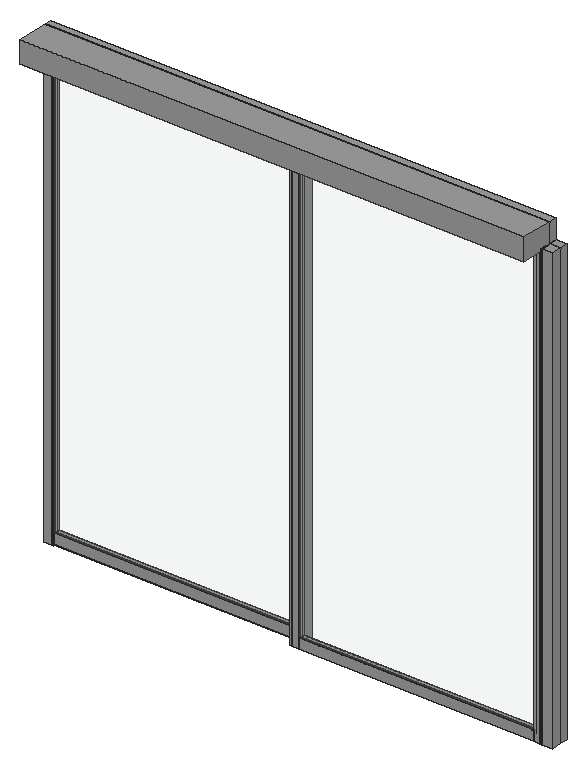
Revit family "agtatec_Record_SldngDrset_E-STA_CurtainWallPanel", category Curtain Panels, Revit 2015 (continued)
Definition of nested family "E-STA"
  Definition of nested family "Inner Panel"
    Lines and regions (mm)
      symbolic lines, detail levels medium+fine
        curve 27: line (1232, 32, 42) -> (1232, 0, 42)
        curve 28: line (1232, 0, 42) -> (1222, 0, 42)
      symbolic lines
        curve 5: line (5, 32, 42) -> (5, 0, 42)
        curve 24: line (237, 0, 1084) -> (1000, 0, 1084)
      symbolic lines, detail levels medium
        curve 19: line (1200, 2.5, 42) -> (1200, 29.5, 42)
        curve 20: line (37, 29.5, 42) -> (37, 2.5, 42)
      symbolic lines, visible <- "Interlacing profile left"
        curve 22: line (1000, 0, 1084) -> (964.645, 0, 1119.355)
        curve 23: line (1000, 0, 1084) -> (964.645, 0, 1048.645)
      symbolic lines, visible <- "Interlacing profile right"
        curve 25: line (237, 0, 1084) -> (272.355, 0, 1119.355)
        curve 26: line (237, 0, 1084) -> (272.355, 0, 1048.645)
    Dimensions and locks
      "Panel Height": plane 5 to plane 2
      "Inner Panel Width": plane 4 to plane 3 "Center (Left/Right)"
      locked: plane 7 to plane 3 "Center (Left/Right)" at 37
      locked: plane 6 to plane 4 at 32
      locked: plane 5 to plane 8 at 19
      locked: plane 9 "Above" to level at 42
      locked: plane 4 to plane 10 at 18.5
      locked: plane 11 to plane 3 "Center (Left/Right)" at 23.5
      locked: plane 13 to plane 4 at 10
      locked: plane 14 to plane 3 "Center (Left/Right)" at 5
      equal spacing: Extrusion 4, curve 24, level
      curve 24 to plane 6 = 200.00 mm
      curve 26 to plane 7 = 200.00 mm
      aligned and locked: plane 2 to level
      aligned and locked: plane 5 to Extrusion 2
      aligned and locked: plane 5 to Extrusion 1
      aligned and locked: Extrusion 1 to Extrusion 2
      aligned and locked: Extrusion 4 to plane 7
      aligned and locked: Extrusion 4 to plane 6
      aligned and locked: Extrusion 3 to plane 7
      aligned and locked: Extrusion 3 to plane 6
      aligned and locked: plane 8 to Extrusion 5
      aligned and locked: Extrusion 5 to plane 9 "Above"
      aligned and locked: Extrusion 5 to plane 10
      aligned and locked: Extrusion 5 to plane 11
      aligned and locked: Extrusion 1 to Extrusion 3
      aligned and locked: Extrusion 3 to Extrusion 2
      aligned and locked: Masking region 1 sketch curve to plane 4
      aligned and locked: Masking region 1 sketch curve to plane 3 "Center (Left/Right)"
      aligned and locked: curve 4 to plane 6
      aligned and locked: curve 3 to plane 7
      aligned and locked: Masking region 1 to Extrusion 1
      aligned and locked: plane 7 to Extrusion 1  (x2)
      aligned and locked: plane 6 to Extrusion 2  (x2)
      aligned and locked: curve 1 to Extrusion 5
      aligned and locked: Extrusion 5 to curve 2
      aligned and locked: Extrusion 1 sketch curve to plane 14
      aligned and locked: Extrusion 1 to plane 14
      aligned and locked: Extrusion 6 sketch curve to plane 14
      aligned and locked: plane 3 "Center (Left/Right)" to Extrusion 6 sketch curve
      aligned and locked: plane 5 to Extrusion 6
    Automatic sketch dimensions
      curve 24 to curve 26 = 35.355 mm
      curve 25 to curve 25 = 35.355 mm
      curve 22 to curve 23 = 0.00 mm
      curve 22 to curve 24 = 35.355 mm
      curve 26 to curve 24 = 35.355 mm
      curve 23 to curve 22 = 35.355 mm
      Extrusion 1 sketch curve to plane 7 = 0.00 mm  (x2)
      plane 1 "Center (Front/Back)" to Extrusion 1 sketch curve = 0.00 mm
      Extrusion 1 sketch curve to plane 11 = 2.50 mm
      Extrusion 1 sketch curve to plane 1 "Center (Front/Back)" = 2.50 mm
      Extrusion 1 sketch curve to Extrusion 1 sketch curve = 27.00 mm
      Extrusion 1 sketch curve to Extrusion 1 sketch curve = 2.50 mm
      Extrusion 2 sketch curve to plane 4 = 0.00 mm
      Extrusion 2 sketch curve to plane 6 = 0.00 mm  (x2)
      plane 1 "Center (Front/Back)" to Extrusion 2 sketch curve = 0.00 mm
      plane 10 to Extrusion 2 sketch curve = 2.50 mm
      Extrusion 2 sketch curve to Extrusion 2 sketch curve = 2.50 mm  (x2)
      Extrusion 2 sketch curve to Extrusion 2 sketch curve = 27.00 mm
      Extrusion 3 sketch curve to plane 1 "Center (Front/Back)" = 0.00 mm
      Extrusion 3 sketch curve to plane 12 = 0.00 mm  (x2)
      Extrusion 3 sketch curve to plane 1 "Center (Front/Back)" = 2.50 mm
      Extrusion 3 sketch curve to Extrusion 3 sketch curve = 14.65 mm
      Extrusion 3 sketch curve to Extrusion 3 sketch curve = 2.70 mm
      plane 9 "Above" to Extrusion 3 sketch curve = 13.00 mm  (x2)
      Extrusion 3 sketch curve to Extrusion 3 sketch curve = 27.00 mm
      Extrusion 3 sketch curve to Extrusion 3 sketch curve = 2.50 mm
      Extrusion 3 sketch curve to plane 9 "Above" = 16.00 mm
      Extrusion 3 sketch curve to plane 9 "Above" = 3.00 mm
      Extrusion 4 sketch curve to plane 1 "Center (Front/Back)" = 0.00 mm
      Extrusion 4 sketch curve to plane 5 = 0.00 mm
      Extrusion 4 sketch curve to plane 1 "Center (Front/Back)" = 2.50 mm
      plane 8 to Extrusion 4 sketch curve = 3.00 mm
      Extrusion 4 sketch curve to Extrusion 4 sketch curve = 27.00 mm
      Extrusion 4 sketch curve to Extrusion 4 sketch curve = 2.50 mm
      Extrusion 4 sketch curve to plane 8 = 13.00 mm  (x2)
      Extrusion 5 sketch curve to plane 11 = 0.00 mm
      Extrusion 5 sketch curve to plane 10 = 0.00 mm
      Extrusion 5 sketch curve to plane 1 "Center (Front/Back)" = 4.00 mm
      Extrusion 5 sketch curve to Extrusion 5 sketch curve = 24.00 mm
      plane 1 "Center (Front/Back)" to Masking region 1 sketch curve = 0.00 mm
      Masking region 1 sketch curve to plane 13 = 0.00 mm
      Masking region 1 sketch curve to plane 1 "Center (Front/Back)" = 32.00 mm
      plane 1 "Center (Front/Back)" to Extrusion 6 sketch curve = 0.00 mm
      Extrusion 6 sketch curve to plane 1 "Center (Front/Back)" = 32.00 mm
      curve 27 to plane 4 = 0.00 mm
      plane 1 "Center (Front/Back)" to curve 28 = 0.00 mm
      curve 10 to plane 10 = 0.00 mm
      curve 16 to plane 11 = 0.00 mm
      curve 5 to plane 14 = 0.00 mm
      plane 1 "Center (Front/Back)" to curve 21 = 0.00 mm
      plane 1 "Center (Front/Back)" to curve 5 = 0.00 mm
      plane 1 "Center (Front/Back)" to curve 4 = 0.00 mm
      curve 28 to plane 10 = 8.50 mm
      curve 7 to plane 10 = 2.50 mm
      curve 14 to plane 11 = 2.50 mm
      curve 16 to curve 1 = 0.00 mm
      curve 12 to curve 1 = 1.50 mm
      curve 7 to curve 1 = 1.50 mm
      curve 5 to curve 12 = 2.50 mm
      curve 27 to curve 6 = 2.50 mm
      curve 18 to curve 6 = 2.50 mm
      curve 3 to curve 3 = 2.50 mm
      curve 6 to curve 10 = 1.50 mm
      curve 10 to plane 1 "Center (Front/Back)" = 4.00 mm
      curve 16 to plane 1 "Center (Front/Back)" = 4.00 mm
      curve 2 to curve 14 = 1.50 mm
      curve 2 to curve 8 = 1.50 mm
Types (13, lengths in mm): name | WithoutSidePanels | TotalWidth | TotalHeight | SupportLengthRight | SupportLengthLeft | RightPanel | LeftPanel | InterlancingProfileRight | InterlancingProfileLeft | InterlancingProfile1 | NominalWidth | NominalHeight | DriveUnitHeight | DoorCenterOffset
  (no name) | no | 2555.00 | 2295.00 | 616.00 | 1877.00 | no | yes | no | yes | yes | 2555.00 | 2295.00 | 108.00 | 2490.50
  E-STA-L 150 mm drive unit height - left - with side panel | no | 2555.00 | 2337.00 | 616.00 | 1877.00 | no | yes | no | yes | yes | 2555.00 | 2337.00 | 150.00 | 2490.50
  E-STA-L 150 mm drive unit height - left - without side panel | yes | 1310.00 | 2337.00 | 616.00 | 1877.00 | no | no | no | yes | no | 1310.00 | 2337.00 | 150.00 | 1862.50
  E-STA-R 150 mm drive unit height - right - with side panel | no | 2555.00 | 2337.00 | 1877.00 | 616.00 | yes | no | yes | no | yes | 2555.00 | 2337.00 | 150.00 | 1277.50
  E-STA-R 150 mm drive unit height - right - without side panel | yes | 1310.00 | 2337.00 | 1877.00 | 616.00 | no | no | yes | no | no | 1310.00 | 2337.00 | 150.00 | 1905.50
  E-STA-L 200 mm drive unit height - left - with side panel | no | 2555.00 | 2387.00 | 616.00 | 1877.00 | no | yes | no | yes | yes | 2555.00 | 2387.00 | 200.00 | 2490.50
  E-STA-L 200 mm drive unit height - left - without side panel | yes | 1310.00 | 2387.00 | 616.00 | 1877.00 | no | no | no | yes | no | 1310.00 | 2387.00 | 200.00 | 1862.50
  E-STA-R 200 mm drive unit height - right - with side panel | no | 2555.00 | 2387.00 | 1877.00 | 616.00 | yes | no | yes | no | yes | 2555.00 | 2387.00 | 200.00 | 1277.50
  E-STA-R 200 mm drive unit height - right - without side panel | yes | 1310.00 | 2387.00 | 1877.00 | 616.00 | no | no | yes | no | no | 1310.00 | 2387.00 | 200.00 | 1905.50
  E-STA-L 108 mm drive unit height - left - with side panel | no | 2555.00 | 2295.00 | 616.00 | 1877.00 | no | yes | no | yes | yes | 2555.00 | 2295.00 | 108.00 | 2490.50
  E-STA-L 108 mm drive unit height - left - without side panel | yes | 1310.00 | 2295.00 | 616.00 | 1877.00 | no | no | no | yes | no | 1310.00 | 2295.00 | 108.00 | 1862.50
  E-STA-R 108 mm drive unit height - right - with side panel | no | 2555.00 | 2295.00 | 1877.00 | 616.00 | yes | no | yes | no | yes | 2555.00 | 2295.00 | 108.00 | 1277.50
  E-STA-R 108 mm drive unit height - right - without side panel | yes | 1310.00 | 2295.00 | 1877.00 | 616.00 | no | no | yes | no | no | 1310.00 | 2295.00 | 108.00 | 1905.50
